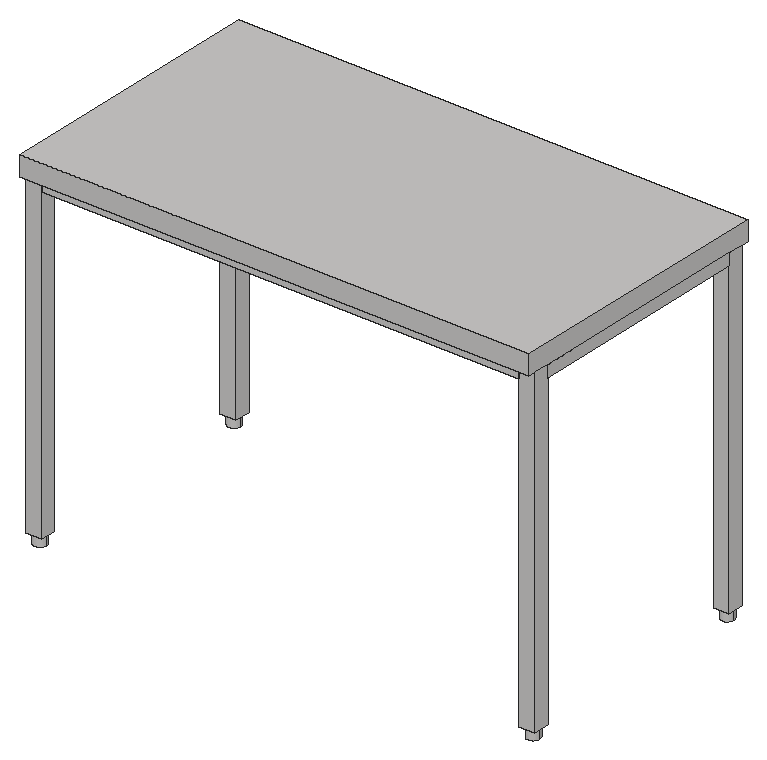
Revit family "QF_ELECTROLUXPROFESSIONAL_134003_GTG1300E", category Attrezzature speciali, Revit 2020
Family settings
  Quota connettore circolare = Usa diametro
  Tipo di parte = Normale
  Basato su piano di lavoro = No
  Sempre verticale = Sì
  Taglio con vuoti quando caricato = No
  Condiviso = No
  Punto di calcolo locali = No
Parameters (values of type "Standard")
  Weight = 38.50 kg
  Watts = 0 W
  Volts = 0 V
  URL Manufacturer = "https://www.electroluxprofessional.com/"
  URL = "https://www.electroluxprofessional.com/"
  Steam Supply Size = 0 mm
  Steam Supply Minimum Pressure = 0.0 Pa
  Steam Supply Maximum Pressure = 0.0 Pa
  Steam Consumption per Hour = 0
  Refrigeration Suction Line Size = 0.0 mm
  Refrigeration Liquid Line Size = 0.0 mm
  Refrigerant Compressor Remote = yes
  Prospetto di default = 0.0 mm
  Produttore = "Electrolux Professional"
  Phase = 0
  Modello = "GTG1300E"
  Length Actual = 1300.0 mm  # constant formula
  Item Number = "134003"
  Hot Water Size = 0 mm
  Height Actual = 900.0 mm  # constant formula
  HP = "0 HP"
  Gas Size = 0 mm
  Gas KW = 0
  Gas Input Pressure = 0 W
  Direct Waste Size = 0 mm
  Descrizione = "WORK TABLE 1300 MM"
  Depth Actual = 700.0 mm  # constant formula
  Cycle = 0 Hz
  Condensate Return Size = 0 mm
  Compressed Air Volume = 0.0 L/s
  Compressed Air Size = 0 mm
  Compressed Air Pressure = 0.0 Pa
  Cold Water Size = 0 mm
  Accessory = yes
Reference planes
  plane 1 "Center (Front/Back)": y = 0
  plane 2: z = 0
  plane 3 "Center (Left/Right)": x = -150
  plane 4 "LEFT": x = -800
  plane 5 "RIGHT": x = 500
  plane 6 "BACK": y = 350
  plane 7 "FRONT": y = -350
  plane 8 "Base": z = 850
  plane 9 "TOP": z = 900
  plane 10: x = -780
  plane 11: x = 480
  plane 12: y = 310
  plane 13: y = -310
  plane 14 "TRAVERSI": z = 820
  plane 15: x = -760
  plane 16: x = 460
  plane 17: y = 290
  plane 18: y = -290
  plane 19: y = 330
  plane 20: y = -330
Forms (mm)
  Extrusion 1, solid, material "QF_Finishes_Stainless Steel"
    sketch origin (-150, 0, 0) x (0, 1, 0) y (0, 0, 1)
      loop
        line (-350, 850) -> (350, 850) -> (350, 900) -> (-350, 900) -> (-350, 850)
    from 650 to -650
  Extrusion 2, solid, material "QF_Finishes_Stainless Steel"
    sketch origin (0, 0, 820) x (0, 1, 0) y (-1, 0, 0)
      loop
        line (290, -460) -> (-290, -460) -> (-290, -500) -> (290, -500) -> (290, -460)
      loop
        line (290, 800) -> (-290, 800) -> (-290, 760) -> (290, 760) -> (290, 800)
    from 0 to 30
  Extrusion 3, solid, material "QF_Finishes_Stainless Steel"
    sketch origin (0, 0, 820) x (0, 1, 0) y (-1, 0, 0)
      loop
        line (330, -460) -> (330, 760) -> (290, 760) -> (290, -460) -> (330, -460)
      loop
        line (-290, 760) -> (-330, 760) -> (-330, -460) -> (-290, -460) -> (-290, 760)
    from 0 to 30
Lines and regions (mm)
  symbolic lines
    curve 1: line (500, 350, 900) -> (-800, 350, 900)
    curve 2: line (-800, 350, 900) -> (-800, -350, 900)
    curve 3: line (-800, -350, 900) -> (500, -350, 900)
    curve 4: line (500, -350, 900) -> (500, 350, 900)
Dimensions and locks
  plane 4 "LEFT" to plane 5 "RIGHT" = 1300.0 mm
  equal spacing: plane 4 "LEFT", plane 3 "Center (Left/Right)", plane 5 "RIGHT"
  locked: plane 8 "Base" to level at 850
  plane 4 "LEFT" to plane 10 = 20.0 mm
  plane 11 to plane 5 "RIGHT" = 20.0 mm
  plane 10 to plane 11 = 1260.0 mm
  locked: plane 9 "TOP" to level at 900
  plane 6 "BACK" to plane 12 = 40.0 mm
  plane 13 to plane 7 "FRONT" = 40.0 mm
  plane 6 "BACK" to plane 7 "FRONT" = 700.0 mm
  plane 12 to plane 13 = 620.0 mm
  equal spacing: plane 6 "BACK", plane 1 "Center (Front/Back)", plane 7 "FRONT"
  plane 8 "Base" to plane 14 "TRAVERSI" = 30.0 mm
  locked: plane 10 to plane 15 at 20
  locked: plane 16 to plane 11 at 20
  locked: plane 19 to plane 12 at 20
  locked: plane 12 to plane 17 at 20
  locked: plane 18 to plane 13 at 20
  locked: plane 13 to plane 20 at 20
  aligned and locked: level to plane 2
  aligned and locked: plane 10 to nested 1
  aligned and locked: nested 1 to plane 13
  aligned and locked: plane 11 to nested 2
  aligned and locked: nested 2 to plane 13
  aligned and locked: plane 11 to nested 4
  aligned and locked: nested 4 to plane 12
  aligned and locked: plane 10 to nested 3
  aligned and locked: nested 3 to plane 12
  aligned and locked: Extrusion 1 to plane 4 "LEFT"
  aligned and locked: plane 5 "RIGHT" to Extrusion 1
  aligned and locked: curve 2 to plane 4 "LEFT"
  aligned and locked: Extrusion 2 sketch curve to plane 5 "RIGHT"
  aligned and locked: Extrusion 2 sketch curve to plane 17  (x2)
  aligned and locked: plane 16 to Extrusion 2 sketch curve
  aligned and locked: plane 18 to Extrusion 2 sketch curve  (x2)
  aligned and locked: plane 4 "LEFT" to Extrusion 2 sketch curve
  aligned and locked: Extrusion 2 sketch curve to plane 15
  aligned and locked: plane 19 to Extrusion 3 sketch curve
  aligned and locked: Extrusion 3 sketch curve to plane 17
  aligned and locked: Extrusion 3 sketch curve to plane 18
  aligned and locked: plane 20 to Extrusion 3 sketch curve
  aligned and locked: Extrusion 3 sketch curve to plane 15
  aligned and locked: plane 15 to Extrusion 3 sketch curve
  aligned and locked: plane 16 to Extrusion 3 sketch curve
  aligned and locked: Extrusion 3 sketch curve to plane 16
Automatic sketch dimensions
  Extrusion 1 sketch curve to plane 7 "FRONT" = 0.0 mm
  Extrusion 1 sketch curve to plane 8 "Base" = 0.0 mm
  curve 3 to plane 7 "FRONT" = 0.0 mm
  curve 4 to plane 6 "BACK" = 0.0 mm
  Extrusion 1 sketch curve to plane 9 "TOP" = 0.0 mm
  Extrusion 1 sketch curve to plane 6 "BACK" = 0.0 mm
  curve 4 to plane 5 "RIGHT" = 0.0 mm
Nested families
  nested 1: "FEET_40x40_R" at (-780, -310, 0), type "FEET_40x40_R"
  nested 2: "FEET_40x40_R" at (480, -310, 0), type "FEET_40x40_R"
  nested 3: "FEET_40x40_R" at (-780, 310, 0), type "FEET_40x40_R"
  nested 4: "FEET_40x40_R" at (480, 310, 0), type "FEET_40x40_R"
Definition of nested family "FEET_40x40_R"
  Parameters
    Default Elevation = 0.0 mm
    FEET = 850.0 mm
  Reference planes
    plane 1 "Center (Front/Back)": y = 0
    plane 2: z = 0
    plane 3 "Center (Left/Right)": x = 0
    plane 4: z = 850
  Forms (mm)
    Extrusion 1, solid
      sketch origin (0, 0, 0) x (1, 0, 0) y (0, 1, 0)
        loop
          line (-20, -20) -> (20, -20) -> (20, 20) -> (-20, 20) -> (-20, -20)
      from 25 to 850
    Extrusion 2, solid
      sketch origin (0, 0, 0) x (1, 0, 0) y (0, 1, 0)
        loop
          circle (0, 0) r 16
      from 0 to 25
  Lines and regions (mm)
    symbolic lines
      curve 1: line (0, -1.503, 0) -> (0, 1.508, 0)
      curve 2: line (1.561, 0, 0) -> (-1.439, 0, 0)
  Dimensions and locks
    "FEET": plane 4 to plane 2
    aligned and locked: level to plane 2
  Automatic sketch dimensions
    Extrusion 1 sketch curve to plane 3 "Center (Left/Right)" = 20.0 mm
    plane 3 "Center (Left/Right)" to Extrusion 1 sketch curve = 20.0 mm
    plane 1 "Center (Front/Back)" to Extrusion 1 sketch curve = 20.0 mm
    Extrusion 1 sketch curve to plane 1 "Center (Front/Back)" = 20.0 mm
    plane 1 "Center (Front/Back)" to Extrusion 2 sketch curve = 0.0 mm
    Extrusion 2 sketch curve to plane 3 "Center (Left/Right)" = 0.0 mm
    plane 1 "Center (Front/Back)" to curve 2 = 0.0 mm
    curve 1 to plane 3 "Center (Left/Right)" = 0.0 mm
    curve 2 to plane 3 "Center (Left/Right)" = 1.439 mm
    plane 3 "Center (Left/Right)" to curve 2 = 1.561 mm
    plane 1 "Center (Front/Back)" to curve 1 = 1.503 mm
    curve 1 to plane 1 "Center (Front/Back)" = 1.508 mm
    radius of Extrusion 2 sketch curve = 16.0 mm
